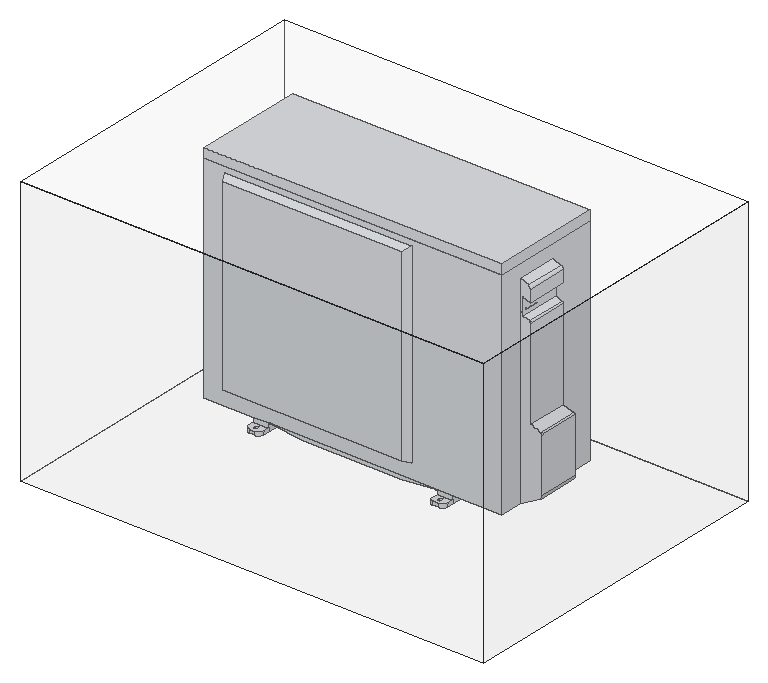
Revit family "puz-zrmp28_63ska15_50hz", category 機械設備, Revit 2019 (continued)
Definition of nested family "PUZ-EZRMP-1"
  Lines and regions (mm)
    model lines, visible <- "タイプ1", detail levels fine
      curve 339: arc (-404.5, -15, 59) -> (-404.5, -11.464, 60.464) -> (-404.5, -10, 64) r 5
      curve 340: arc (-404.5, -95, 79) -> (-404.5, -98.536, 77.536) -> (-404.5, -100, 74) r 5
      curve 341: arc (-404.5, -100, 64) -> (-404.5, -98.536, 60.464) -> (-404.5, -95, 59) r 5
    model lines, visible <- "タイプ3", not visible
      curve 342: line (-404.5, -100, 907) -> (-404.5, -60, 907)
      curve 343: line (-404.5, -100, 1097) -> (-404.5, -100, 907)
      curve 344: line (-404.5, -60, 1097) -> (-404.5, -100, 1097)
      curve 345: line (-404.5, -60, 907) -> (-404.5, -60, 1097)
      curve 346: line (-404.5, 60, 907) -> (-404.5, 100, 907)
      curve 347: line (-404.5, 60, 1097) -> (-404.5, 60, 907)
      curve 348: line (-404.5, 100, 1097) -> (-404.5, 60, 1097)
      curve 349: line (-404.5, 100, 907) -> (-404.5, 100, 1097)
      curve 350: line (-404.5, -46.667, 907) -> (-404.5, -6.667, 907)
      curve 351: line (-404.5, -46.667, 1097) -> (-404.5, -46.667, 907)
      curve 352: line (-404.5, -6.667, 1097) -> (-404.5, -46.667, 1097)
      curve 353: line (-404.5, -6.667, 907) -> (-404.5, -6.667, 1097)
      curve 354: line (-404.5, 6.667, 907) -> (-404.5, 46.667, 907)
      curve 355: line (-404.5, 6.667, 1097) -> (-404.5, 6.667, 907)
      curve 356: line (-404.5, 46.667, 1097) -> (-404.5, 6.667, 1097)
      curve 357: line (-404.5, 46.667, 907) -> (-404.5, 46.667, 1097)
      curve 358: line (-404.5, -100, 1112) -> (-404.5, -60, 1112)
      curve 359: line (-404.5, -100, 1302) -> (-404.5, -100, 1112)
      curve 360: line (-404.5, -60, 1302) -> (-404.5, -100, 1302)
      curve 361: line (-404.5, -60, 1112) -> (-404.5, -60, 1302)
      curve 362: line (-404.5, 60, 1112) -> (-404.5, 100, 1112)
      curve 363: line (-404.5, 60, 1302) -> (-404.5, 60, 1112)
      curve 364: line (-404.5, 100, 1302) -> (-404.5, 60, 1302)
      curve 365: line (-404.5, 100, 1112) -> (-404.5, 100, 1302)
      curve 366: line (-404.5, -46.667, 1112) -> (-404.5, -6.667, 1112)
      curve 367: line (-404.5, -46.667, 1302) -> (-404.5, -46.667, 1112)
      curve 368: line (-404.5, -6.667, 1302) -> (-404.5, -46.667, 1302)
      curve 369: line (-404.5, -6.667, 1112) -> (-404.5, -6.667, 1302)
      curve 370: line (-404.5, 6.667, 1112) -> (-404.5, 46.667, 1112)
      curve 371: line (-404.5, 6.667, 1302) -> (-404.5, 6.667, 1112)
      curve 372: line (-404.5, 46.667, 1302) -> (-404.5, 6.667, 1302)
      curve 373: line (-404.5, 46.667, 1112) -> (-404.5, 46.667, 1302)
    model lines, visible <- "タイプ2", not visible
      curve 374: line (-600, -100, 33.5) -> (-600, -60, 33.5)
      curve 375: line (-600, -100, 73.5) -> (-600, -100, 33.5)
      curve 376: line (-600, -60, 73.5) -> (-600, -100, 73.5)
      curve 377: line (-600, -60, 33.5) -> (-600, -60, 73.5)
      curve 378: line (-600, 60, 33.5) -> (-600, 100, 33.5)
      curve 379: line (-600, 60, 73.5) -> (-600, 60, 33.5)
      curve 380: line (-600, 100, 73.5) -> (-600, 60, 73.5)
      curve 381: line (-600, 100, 33.5) -> (-600, 100, 73.5)
      curve 382: line (-509, -46.667, 33.5) -> (-509, -6.667, 33.5)
      curve 383: line (-509, -46.667, 73.5) -> (-509, -46.667, 33.5)
      curve 384: line (-509, -6.667, 73.5) -> (-509, -46.667, 73.5)
      curve 385: line (-509, -6.667, 33.5) -> (-509, -6.667, 73.5)
      curve 386: line (-509, 6.667, 33.5) -> (-509, 46.667, 33.5)
      curve 387: line (-509, 6.667, 73.5) -> (-509, 6.667, 33.5)
      curve 388: line (-509, 46.667, 73.5) -> (-509, 6.667, 73.5)
      curve 389: line (-509, 46.667, 33.5) -> (-509, 46.667, 73.5)
      curve 483: line (-404.5, -100, 33.5) -> (-404.5, -60, 33.5)
      curve 484: line (-404.5, -100, 73.5) -> (-404.5, -100, 33.5)
      curve 485: line (-404.5, -60, 73.5) -> (-404.5, -100, 73.5)
      curve 486: line (-404.5, -60, 33.5) -> (-404.5, -60, 73.5)
      curve 487: line (-404.5, 60, 33.5) -> (-404.5, 100, 33.5)
      curve 488: line (-404.5, 60, 73.5) -> (-404.5, 60, 33.5)
      curve 489: line (-404.5, 100, 73.5) -> (-404.5, 60, 73.5)
      curve 490: line (-404.5, 100, 33.5) -> (-404.5, 100, 73.5)
      curve 491: line (-404.5, -46.667, 33.5) -> (-404.5, -6.667, 33.5)
      curve 492: line (-404.5, -46.667, 73.5) -> (-404.5, -46.667, 33.5)
      curve 493: line (-404.5, -6.667, 73.5) -> (-404.5, -46.667, 73.5)
      curve 494: line (-404.5, -6.667, 33.5) -> (-404.5, -6.667, 73.5)
      curve 495: line (-404.5, 6.667, 33.5) -> (-404.5, 46.667, 33.5)
      curve 496: line (-404.5, 6.667, 73.5) -> (-404.5, 6.667, 33.5)
      curve 497: line (-404.5, 46.667, 73.5) -> (-404.5, 6.667, 73.5)
      curve 498: line (-404.5, 46.667, 33.5) -> (-404.5, 46.667, 73.5)
    model lines, not visible
      curve 390: line (-404.5, -100, 87) -> (-404.5, -60, 87)
      curve 391: line (-404.5, -100, 277) -> (-404.5, -100, 87)
      curve 392: line (-404.5, -60, 277) -> (-404.5, -100, 277)
      curve 393: line (-404.5, -60, 87) -> (-404.5, -60, 277)
      curve 394: line (-404.5, -100, 292) -> (-404.5, -60, 292)
      curve 395: line (-404.5, -100, 482) -> (-404.5, -100, 292)
      curve 396: line (-404.5, -60, 482) -> (-404.5, -100, 482)
      curve 397: line (-404.5, -60, 292) -> (-404.5, -60, 482)
      curve 398: line (-404.5, -100, 497) -> (-404.5, -60, 497)
      curve 399: line (-404.5, -100, 687) -> (-404.5, -100, 497)
      curve 400: line (-404.5, -60, 687) -> (-404.5, -100, 687)
      curve 401: line (-404.5, -60, 497) -> (-404.5, -60, 687)
      curve 402: line (-404.5, -100, 702) -> (-404.5, -60, 702)
      curve 403: line (-404.5, -100, 892) -> (-404.5, -100, 702)
      curve 404: line (-404.5, -60, 892) -> (-404.5, -100, 892)
      curve 405: line (-404.5, -60, 702) -> (-404.5, -60, 892)
      curve 406: line (-404.5, 60, 87) -> (-404.5, 100, 87)
      curve 407: line (-404.5, 60, 277) -> (-404.5, 60, 87)
      curve 408: line (-404.5, 100, 277) -> (-404.5, 60, 277)
      curve 409: line (-404.5, 100, 87) -> (-404.5, 100, 277)
      curve 410: line (-404.5, -46.667, 87) -> (-404.5, -6.667, 87)
      curve 411: line (-404.5, -46.667, 277) -> (-404.5, -46.667, 87)
      curve 412: line (-404.5, -6.667, 277) -> (-404.5, -46.667, 277)
      curve 413: line (-404.5, -6.667, 87) -> (-404.5, -6.667, 277)
      curve 414: line (-404.5, 6.667, 87) -> (-404.5, 46.667, 87)
      curve 415: line (-404.5, 6.667, 277) -> (-404.5, 6.667, 87)
      curve 416: line (-404.5, 46.667, 277) -> (-404.5, 6.667, 277)
      curve 417: line (-404.5, 46.667, 87) -> (-404.5, 46.667, 277)
      curve 418: line (-404.5, 60, 292) -> (-404.5, 100, 292)
      curve 419: line (-404.5, 60, 482) -> (-404.5, 60, 292)
      curve 420: line (-404.5, 100, 482) -> (-404.5, 60, 482)
      curve 421: line (-404.5, 100, 292) -> (-404.5, 100, 482)
      curve 422: line (-404.5, 60, 702) -> (-404.5, 100, 702)
      curve 423: line (-404.5, 60, 892) -> (-404.5, 60, 702)
      curve 424: line (-404.5, 100, 892) -> (-404.5, 60, 892)
      curve 425: line (-404.5, 100, 702) -> (-404.5, 100, 892)
      curve 426: line (-404.5, -46.667, 292) -> (-404.5, -6.667, 292)
      curve 427: line (-404.5, -46.667, 482) -> (-404.5, -46.667, 292)
      curve 428: line (-404.5, -6.667, 482) -> (-404.5, -46.667, 482)
      curve 429: line (-404.5, -6.667, 292) -> (-404.5, -6.667, 482)
      curve 430: line (-404.5, -46.667, 497) -> (-404.5, -6.667, 497)
      curve 431: line (-404.5, -46.667, 687) -> (-404.5, -46.667, 497)
      curve 432: line (-404.5, -6.667, 687) -> (-404.5, -46.667, 687)
      curve 433: line (-404.5, -6.667, 497) -> (-404.5, -6.667, 687)
      curve 434: line (-404.5, -46.667, 702) -> (-404.5, -6.667, 702)
      curve 435: line (-404.5, -46.667, 892) -> (-404.5, -46.667, 702)
      curve 436: line (-404.5, -6.667, 892) -> (-404.5, -46.667, 892)
      curve 437: line (-404.5, -6.667, 702) -> (-404.5, -6.667, 892)
      curve 438: line (-404.5, 6.667, 292) -> (-404.5, 46.667, 292)
      curve 439: line (-404.5, 6.667, 482) -> (-404.5, 6.667, 292)
      curve 440: line (-404.5, 46.667, 482) -> (-404.5, 6.667, 482)
      curve 441: line (-404.5, 46.667, 292) -> (-404.5, 46.667, 482)
      curve 442: line (-404.5, 6.667, 497) -> (-404.5, 46.667, 497)
      curve 443: line (-404.5, 6.667, 687) -> (-404.5, 6.667, 497)
      curve 444: line (-404.5, 46.667, 687) -> (-404.5, 6.667, 687)
      curve 445: line (-404.5, 46.667, 497) -> (-404.5, 46.667, 687)
      curve 446: line (-404.5, 6.667, 702) -> (-404.5, 46.667, 702)
      curve 447: line (-404.5, 6.667, 892) -> (-404.5, 6.667, 702)
      curve 448: line (-404.5, 46.667, 892) -> (-404.5, 6.667, 892)
      curve 449: line (-404.5, 46.667, 702) -> (-404.5, 46.667, 892)
      curve 450: line (-338.5, -173.2, 372.5) -> (149.5, -173.2, 372.5)
      curve 451: line (149.5, -173.2, 277.5) -> (-338.5, -173.2, 277.5)
      curve 452: line (-338.5, -173.2, 467.5) -> (149.5, -173.2, 467.5)
      curve 453: line (-338.5, -173.2, 562.5) -> (149.5, -173.2, 562.5)
      curve 454: line (149.5, -173.2, 182.5) -> (-338.5, -173.2, 182.5)
      curve 455: line (149.5, -173.2, 87.5) -> (-338.5, -173.2, 87.5)
      curve 456: line (-321.071, -173.2, 579) -> (-321.071, -173.2, 71)
      curve 457: line (132.071, -173.2, 71) -> (132.071, -173.2, 579)
      curve 458: line (-303.643, -173.2, 579) -> (-303.643, -173.2, 71)
      curve 459: line (-286.214, -173.2, 579) -> (-286.214, -173.2, 71)
      curve 460: line (-268.786, -173.2, 579) -> (-268.786, -173.2, 71)
      curve 461: line (-251.357, -173.2, 579) -> (-251.357, -173.2, 71)
      curve 462: line (-233.929, -173.2, 579) -> (-233.929, -173.2, 71)
      curve 463: line (-216.5, -173.2, 579) -> (-216.5, -173.2, 71)
      curve 464: line (-199.071, -173.2, 579) -> (-199.071, -173.2, 71)
      curve 465: line (-181.643, -173.2, 579) -> (-181.643, -173.2, 71)
      curve 466: line (-164.214, -173.2, 579) -> (-164.214, -173.2, 71)
      curve 467: line (-146.786, -173.2, 579) -> (-146.786, -173.2, 71)
      curve 468: line (-129.357, -173.2, 579) -> (-129.357, -173.2, 71)
      curve 469: line (-111.929, -173.2, 579) -> (-111.929, -173.2, 71)
      curve 470: line (-94.5, -173.2, 579) -> (-94.5, -173.2, 71)
      curve 471: line (-77.071, -173.2, 579) -> (-77.071, -173.2, 71)
      curve 472: line (-59.643, -173.2, 579) -> (-59.643, -173.2, 71)
      curve 473: line (-42.214, -173.2, 579) -> (-42.214, -173.2, 71)
      curve 474: line (-24.786, -173.2, 579) -> (-24.786, -173.2, 71)
      curve 475: line (-7.357, -173.2, 579) -> (-7.357, -173.2, 71)
      curve 476: line (10.071, -173.2, 579) -> (10.071, -173.2, 71)
      curve 477: line (27.5, -173.2, 579) -> (27.5, -173.2, 71)
      curve 478: line (44.929, -173.2, 579) -> (44.929, -173.2, 71)
      curve 479: line (62.357, -173.2, 579) -> (62.357, -173.2, 71)
      curve 480: line (79.786, -173.2, 579) -> (79.786, -173.2, 71)
      curve 481: line (97.214, -173.2, 579) -> (97.214, -173.2, 71)
      curve 482: line (114.643, -173.2, 579) -> (114.643, -173.2, 71)
    symbolic lines, visible <- "タイプ1"
      curve 499: line (-278.151, 150, 630) -> (-404.5, 150, 630)
      curve 500: line (-404.5, 150, 630) -> (-404.5, -5.599, 630)
      curve 501: line (-404.5, 40, 630) -> (-424.5, 30, 630)
      curve 502: line (-424.5, 30, 630) -> (-424.5, -30, 630)
      curve 503: line (-424.5, -30, 630) -> (-404.5, -40, 630)
      curve 504: line (-404.5, -5.599, 630) -> (-404.5, -150, 630)
      curve 505: line (-404.5, -150, 630) -> (-301.612, -150, 630)
      curve 506: arc (-272.806, -170, 630) -> (-268.124, -177.204, 630) -> (-260, -180, 630) r 13.2
      curve 507: line (-260, -180, 630) -> (-243.332, -180, 630)
      curve 508: arc (-243.332, -180, 630) -> (-235.208, -177.204, 630) -> (-230.526, -170, 630) r 13.2
      curve 509: line (-301.612, -150, 630) -> (280.999, -150, 630)
      curve 510: line (230, -150, 630) -> (230, -170, 630)
      curve 511: arc (230, -170, 630) -> (232.929, -177.071, 630) -> (240, -180, 630) r 10
      curve 512: line (240, -180, 630) -> (256.8, -180, 630)
      curve 513: arc (256.8, -180, 630) -> (266.134, -176.134, 630) -> (270, -166.8, 630) r 13.2
      curve 514: line (270, -166.8, 630) -> (270, -150, 630)
      curve 515: line (280.999, -150, 630) -> (404.5, -150, 630)
      curve 516: line (404.5, -150, 630) -> (404.5, -77.105, 630)
      curve 517: line (404.5, -90, 630) -> (466.5, -90, 630)
      curve 518: line (466.5, -90, 630) -> (466.5, 20, 630)
      curve 519: line (466.5, 20, 630) -> (404.5, 20, 630)
      curve 520: line (404.5, -77.105, 630) -> (404.5, 150, 630)
      curve 521: line (404.5, 150, 630) -> (308.975, 150, 630)
      curve 522: line (270, 150, 630) -> (270, 180, 630)
      curve 523: line (270, 180, 630) -> (230, 180, 630)
      curve 524: line (230, 180, 630) -> (230, 150, 630)
      curve 525: line (308.975, 150, 630) -> (-278.151, 150, 630)
      curve 526: line (-230, 150, 630) -> (-230, 180, 630)
      curve 527: line (-230, 180, 630) -> (-270, 180, 630)
      curve 528: line (-270, 180, 630) -> (-270, 150, 630)
      curve 529: line (-324.5, 100, 630) -> (324.5, 100, 630)
      curve 530: line (-324.5, 40, 630) -> (-324.5, 100, 630)
      curve 531: line (324.5, 40, 630) -> (-324.5, 40, 630)
      curve 532: line (324.5, 100, 630) -> (324.5, 40, 630)
      curve 533: line (324.5, 30, 630) -> (-324.5, 30, 630)
      curve 534: line (324.5, -30, 630) -> (324.5, 30, 630)
      curve 535: line (-324.5, -30, 630) -> (324.5, -30, 630)
      curve 536: line (-324.5, 30, 630) -> (-324.5, -30, 630)
      curve 537: line (-324.5, -40, 630) -> (324.5, -40, 630)
      curve 538: line (-324.5, -100, 630) -> (-324.5, -40, 630)
      curve 539: line (324.5, -100, 630) -> (-324.5, -100, 630)
      curve 540: line (324.5, -40, 630) -> (324.5, -100, 630)
      curve 541: line (339.5, 100, 630) -> (354.5, 100, 630)
      curve 542: line (339.5, -100, 630) -> (339.5, 100, 630)
      curve 543: line (354.5, -100, 630) -> (339.5, -100, 630)
      curve 544: line (354.5, 100, 630) -> (354.5, -100, 630)
      curve 545: line (-354.5, 100, 630) -> (-339.5, 100, 630)
      curve 546: line (-354.5, -100, 630) -> (-354.5, 100, 630)
      curve 547: line (-339.5, -100, 630) -> (-354.5, -100, 630)
      curve 548: line (-339.5, 100, 630) -> (-339.5, -100, 630)
      curve 549: line (-338.5, -170, 630) -> (149.5, -170, 630)
      curve 550: line (149.5, -170, 630) -> (159.5, -150, 630)
      curve 551: line (-348.5, -150, 630) -> (-338.5, -170, 630)
  Dimensions and locks
    equal spacing: plane 8, plane 1 "中心(正面/背面)", plane 7
    "奥行き": plane 8 to plane 7
    equal spacing: plane 5, plane 3 "中心(左/右)", plane 6
    "幅さ": plane 5 to plane 6
    "高さ": plane 4 to level
    locked: plane 6 to plane 9 at 62
    locked: plane 8 to plane 10 at 60
    locked: plane 8 to plane 11 at 170
    locked: plane 4 to plane 12 at 25
    locked: plane 13 to plane 5 at 20
    "吊りボルト-D": plane 17 to plane 16
    equal spacing: plane 17, plane 1 "中心(正面/背面)", plane 16
    equal spacing: plane 14, plane 3 "中心(左/右)", plane 15
    "吊りボルト-W": plane 14 to plane 15
    plane 21 to plane 14 to plane 20 = 20 mm locked, 20 mm locked
    plane 19 to plane 15 to plane 18 = 20 mm locked, 20 mm locked
    locked: plane 16 to plane 22 at 15
    locked: plane 23 to plane 17 at 15
    locked: plane 24 to level at 8.5
    locked: plane 25 to level at 20
    locked: plane 26 to plane 24 at 3
    locked: plane 4 to plane 29 at 5
    plane 7 to plane 1 "中心(正面/背面)" to plane 8 = 150 mm, 150 mm
    plane 31 to plane 1 "中心(正面/背面)" to plane 30 = 40 mm locked, 40 mm locked
    plane 33 to plane 1 "中心(正面/背面)" to plane 32 = 30 mm locked, 30 mm locked
    locked: plane 34 to plane 12 at 5
    locked: plane 35 to level at 55
    locked: plane 36 to level at 225
    equal spacing: plane 6, plane 39, plane 9
    locked: plane 6 to plane 38 at 10
    locked: plane 20 to plane 27 at 95
    locked: plane 28 to plane 19 at 95
    "換気-D": plane 40 to plane 8
    "換気-W": plane 41 to plane 5
    "換気-H1": plane 42 to level
    plane 43 to plane 41 to plane 44 = 254 mm locked, 254 mm locked
    plane 45 to plane 42 to plane 46 = 264 mm locked, 264 mm locked
    locked: plane 43 to plane 48 at 10
    locked: plane 47 to plane 44 at 10
    locked: plane 45 to plane 49 at 10
    locked: plane 50 to plane 46 at 10
    locked: curve 26 to plane 50 at 16.5
    locked: plane 49 to curve 24 at 16.5
    equal spacing: curve 24, curve 23, curve 21, curve 22, curve 25, curve 26
    equal spacing: plane 48, curve 28, curve 53, curve 52, curve 51, curve 50, curve 49, curve 48, curve 47, curve 46, curve 45, curve 44, curve 43, curve 42, curve 41, curve 40, curve 39, curve 38, curve 37, curve 36, curve 35, curve 34, curve 33, curve 32, curve 31, curve 30, curve 29, curve 27, plane 47
    locked: curve 4 to curve 6 at 10
    locked: curve 3 to curve 5 at 10
    locked: plane 51 to plane 7 at 50
    locked: plane 8 to plane 52 at 50
    equal spacing: group 1, group 2, group 3, group 4, group 5, group 6, group 7, group 8, group 9, group 10, group 11, group 12, group 13, group 14, group 15, group 16, group 17, group 18  (x2)
    equal spacing: group 18, group 17, group 16, group 15, group 14, group 13, group 12, group 11, group 10, group 9, group 8, group 7, group 6, group 5, group 4, group 3, group 2, group 1
    "ドレン管径-X": plane 5 to plane 53
    "ドレン管径-Y": plane 8 to plane 54
    "配線取出口-Y": plane 57 to plane 7
    "冷媒液管径-Y": plane 58 to plane 7
    "冷媒ガス管径-Y": plane 59 to plane 7
    "配線取出口-X": plane 3 "中心(左/右)" to plane 56
    "冷媒ガス管径-X": plane 3 "中心(左/右)" to plane 55
    "冷媒液管径-X": plane 3 "中心(左/右)" to plane 60
    "冷媒液管径-Z": plane 62 to level
    "冷媒ガス管径-Z": plane 61 to level
    "配線取出口-Z": plane 63 to level
    locked: plane 57 to plane 64 at 50
    locked: plane 65 to plane 61 at 37.8
    locked: plane 66 to plane 62 at 16.1
    equal spacing: plane 55, plane 67, plane 60
    equal spacing: plane 58, plane 68, plane 59
    "a": plane 69 "グループ" to plane 3 "中心(左/右)"
    plane 71 to level = 943 mm
    plane 70 to level = 1338 mm
    locked: plane 37 to level at 570
    curve 21 to plane 42 to curve 22 = 47.5 mm locked, 47.5 mm locked
    "換気-H2": plane 72 to plane 42
    plane 73 to plane 72 to plane 74 = 264 mm locked, 264 mm locked
    locked: plane 76 to plane 74 at 10
    locked: plane 73 to plane 75 at 10
    plane 48 to plane 47 = 488 mm
    plane 68 to plane 7 = 185.5 mm
    plane 61 to level = 99.5 mm
    plane 65 to plane 61 = 37.8 mm
    plane 62 to level = 164.5 mm
    plane 66 to plane 62 = 16.1 mm
    plane 68 to plane 77 to plane 78 = 23 mm locked, 17.5 mm locked
    plane 68 to plane 77 = 23 mm
    plane 77 to plane 78 = 17.5 mm
    equal spacing: plane 77, plane 79, plane 78
    "ドレン配管サイズ": diameter of Extrusion 3 sketch curve
    "配線取出口サイズ": diameter of Extrusion 9 sketch curve
    "吊りボルト-φ": diameter of Extrusion 10 sketch curve  (x4)
    "冷媒配管サイズ": diameter of Sweep 11 sketch curve
    "ガス配管サイズ": diameter of Sweep 12 sketch curve
    aligned and locked: level to plane 2
    aligned and locked: Extrusion 1 to level
    aligned and locked: plane 25 to Extrusion 1
    aligned and locked: Extrusion 2 sketch curve to plane 25
    aligned and locked: Extrusion 2 sketch curve to plane 26
    aligned and locked: Extrusion 2 to plane 7
    aligned and locked: plane 8 to Extrusion 2
    aligned and locked: Extrusion 3 to plane 26
    aligned and locked: Extrusion 3 to plane 24
    aligned and locked: Extrusion 4 sketch curve to plane 7
    aligned and locked: Extrusion 4 sketch curve to plane 8
    aligned and locked: Extrusion 4 sketch curve to plane 5
    aligned and locked: Extrusion 4 sketch curve to plane 6
    aligned and locked: Extrusion 4 to plane 25
    aligned and locked: plane 12 to Extrusion 4
    aligned and locked: Extrusion 5 sketch curve to Extrusion 4  (x4)
    aligned and locked: Extrusion 5 to plane 12
    aligned and locked: plane 4 to Extrusion 5
    aligned and locked: plane 29 to Blend 6 sketch curve
    aligned and locked: Blend 6 sketch curve to plane 31
    aligned and locked: Blend 6 sketch curve to plane 12  (x2)
    aligned and locked: plane 30 to Blend 6 sketch curve
    aligned and locked: plane 34 to Blend 6 sketch curve
    aligned and locked: Blend 6 sketch curve to plane 33
    aligned and locked: plane 32 to Blend 6 sketch curve
    aligned and locked: Blend 6 to plane 13
    aligned and locked: plane 5 to Blend 6
    aligned and locked: Extrusion 7 sketch curve to plane 6
    aligned and locked: Extrusion 7 sketch curve to plane 9
    aligned and locked: Extrusion 7 sketch curve to plane 39
    aligned and locked: Extrusion 7 sketch curve to Extrusion 7 sketch curve
    aligned and locked: Extrusion 7 sketch curve to plane 38
    aligned and locked: Extrusion 7 to plane 11
    aligned and locked: plane 10 to Extrusion 7
    aligned and locked: Blend 8 sketch curve to plane 45
    aligned and locked: Blend 8 sketch curve to plane 46
    aligned and locked: Blend 8 sketch curve to plane 44
    aligned and locked: Blend 8 sketch curve to plane 43
    aligned and locked: Blend 8 sketch curve to plane 49
    aligned and locked: Blend 8 sketch curve to plane 47
    aligned and locked: Blend 8 sketch curve to plane 48
    aligned and locked: Blend 8 sketch curve to plane 50
    aligned and locked: Blend 8 to plane 8
    aligned and locked: plane 40 to Blend 8
    aligned and locked: curve 17 to plane 51
    aligned and locked: curve 1 to plane 51
    aligned and locked: plane 51 to curve 19
    aligned and locked: curve 18 to plane 52
    aligned and locked: plane 52 to curve 2
    aligned and locked: plane 52 to curve 20
    aligned and locked: plane 53 to Extrusion 3 sketch curve
    aligned and locked: plane 54 to Extrusion 3 sketch curve
    aligned and locked: plane 63 to Extrusion 9 sketch curve
    aligned and locked: plane 56 to Extrusion 9 sketch curve
    aligned and locked: plane 57 to Extrusion 9
    aligned and locked: Extrusion 9 to plane 64
    aligned and locked: plane 22 to Extrusion 10 sketch curve  (x4)
    aligned and locked: plane 21 to Extrusion 10 sketch curve
    aligned and locked: Extrusion 2 to Extrusion 10 sketch curve  (x2)
    aligned and locked: Extrusion 10 sketch curve to Extrusion 1  (x6)
    aligned and locked: plane 19 to Extrusion 10 sketch curve
    aligned and locked: Extrusion 10 sketch curve to plane 23  (x2)
    aligned and locked: Extrusion 10 sketch curve to plane 18
    aligned and locked: Extrusion 10 sketch curve to plane 20
    aligned and locked: plane 16 to Extrusion 10 sketch curve  (x2)
    aligned and locked: plane 14 to Extrusion 10 sketch curve  (x2)
    aligned and locked: plane 17 to Extrusion 10 sketch curve  (x2)
    aligned and locked: plane 15 to Extrusion 10 sketch curve  (x2)
    aligned and locked: level to Extrusion 10
    aligned and locked: plane 24 to Extrusion 10
    aligned and locked: Masking region 1 sketch curve to Extrusion 5  (x4)
    aligned and locked: Masking region 1 sketch curve to Blend 6  (x3)
    aligned and locked: Masking region 1 sketch curve to Extrusion 7  (x2)
    aligned and locked: Masking region 1 sketch curve to plane 9
    aligned and locked: Masking region 1 sketch curve to Extrusion 10  (x8)
    aligned and locked: Masking region 1 to curve 499
    aligned and locked: curve 500 to Masking region 1
    aligned and locked: curve 501 to Masking region 1
    aligned and locked: curve 502 to Masking region 1
    aligned and locked: curve 503 to Masking region 1
    aligned and locked: curve 504 to Masking region 1
    aligned and locked: curve 505 to Masking region 1
    aligned and locked: curve 506 to Masking region 1
    aligned and locked: curve 508 to Masking region 1
    aligned and locked: curve 510 to Masking region 1
    aligned and locked: curve 511 to Masking region 1
    aligned and locked: curve 513 to Masking region 1
    aligned and locked: Masking region 1 to curve 515
    aligned and locked: curve 516 to Masking region 1
    aligned and locked: curve 517 to Masking region 1
    aligned and locked: curve 518 to Masking region 1
    aligned and locked: curve 519 to Masking region 1
    aligned and locked: curve 520 to Masking region 1
    aligned and locked: curve 521 to Masking region 1
    aligned and locked: curve 522 to Masking region 1
    aligned and locked: curve 523 to Masking region 1
    aligned and locked: curve 524 to Masking region 1
    aligned and locked: curve 525 to Masking region 1
    aligned and locked: curve 526 to Masking region 1
    aligned and locked: curve 527 to Masking region 1
    aligned and locked: curve 528 to Masking region 1
    aligned and locked: curve 532 to curve 12
    aligned and locked: Masking region 1 sketch curve to curve 21
    aligned and locked: Masking region 1 sketch curve to Blend 8  (x2)
    aligned and locked: curve 549 to Blend 8
    aligned and locked: curve 550 to Blend 8
    aligned and locked: curve 551 to Blend 8
    aligned and locked: plane 78 to Sweep 12 sketch curve
    aligned and locked: plane 58 to Sweep 12 sketch curve
    aligned and locked: plane 77 to Sweep 11 sketch curve
    aligned and locked: plane 58 to Sweep 11 sketch curve
    aligned and locked: plane 61 to Sweep 12 sketch curve
  Automatic sketch dimensions
    Extrusion 2 sketch curve to plane 20 = 0 mm
    Extrusion 2 sketch curve to plane 27 = 0 mm
    Extrusion 2 sketch curve to plane 28 = 0 mm
    Extrusion 2 sketch curve to plane 19 = 0 mm
    Extrusion 7 sketch curve to plane 39 = 0 mm
    Extrusion 7 sketch curve to plane 25 = 0 mm
    Extrusion 7 sketch curve to plane 36 = 0 mm
    Extrusion 7 sketch curve to plane 37 = 0 mm
    Extrusion 7 sketch curve to Extrusion 7 sketch curve = 10 mm
    Extrusion 7 sketch curve to plane 39 = 6.58 mm
    Extrusion 7 sketch curve to Extrusion 7 sketch curve = 5 mm  (x2)
    plane 39 to Extrusion 7 sketch curve = 21 mm
    Extrusion 7 sketch curve to plane 39 = 3.29 mm
    Extrusion 7 sketch curve to plane 9 = 3.29 mm
    Extrusion 7 sketch curve to plane 35 = 2.87 mm
    Extrusion 7 sketch curve to Extrusion 7 sketch curve = 81.633 mm
    Extrusion 7 sketch curve to Extrusion 7 sketch curve = 30.244 mm
    Extrusion 7 sketch curve to Extrusion 7 sketch curve = 7.643 mm
    plane 7 to Extrusion 1 sketch curve = 0 mm  (x2)
    Extrusion 1 sketch curve to plane 18 = 0 mm
    plane 8 to Extrusion 1 sketch curve = 0 mm  (x2)
    Extrusion 1 sketch curve to plane 19 = 0 mm
    Extrusion 1 sketch curve to plane 20 = 0 mm
    Extrusion 1 sketch curve to plane 21 = 0 mm
    curve 383 to curve 384 = 40 mm
    curve 382 to curve 386 = 13.333 mm
    curve 386 to curve 386 = 40 mm
    curve 382 to curve 389 = 0 mm
    curve 382 to curve 384 = 40 mm
    curve 384 to curve 387 = 0 mm
    curve 375 to curve 376 = 40 mm
    curve 374 to curve 378 = 120 mm
    curve 378 to curve 378 = 40 mm
    curve 374 to curve 381 = 0 mm
    curve 374 to curve 376 = 40 mm
    curve 378 to curve 379 = 40 mm
    curve 25 to plane 47 = 0 mm
    curve 24 to plane 47 = 0 mm
    curve 22 to plane 47 = 0 mm
    curve 23 to plane 47 = 0 mm
    curve 26 to plane 47 = 0 mm
    curve 21 to plane 47 = 0 mm
    curve 24 to plane 48 = 0 mm
    curve 25 to plane 48 = 0 mm
    curve 26 to plane 48 = 0 mm
    curve 23 to plane 48 = 0 mm
    curve 22 to plane 48 = 0 mm
    curve 21 to plane 48 = 0 mm
    curve 37 to plane 50 = 0 mm
    curve 52 to plane 50 = 0 mm
    curve 51 to plane 50 = 0 mm
    curve 50 to plane 50 = 0 mm
    curve 49 to plane 50 = 0 mm
    curve 48 to plane 50 = 0 mm
    curve 47 to plane 50 = 0 mm
    curve 46 to plane 50 = 0 mm
    curve 45 to plane 50 = 0 mm
    curve 44 to plane 50 = 0 mm
    curve 43 to plane 50 = 0 mm
    curve 42 to plane 50 = 0 mm
    curve 41 to plane 50 = 0 mm
    curve 27 to plane 50 = 0 mm
    curve 28 to plane 50 = 0 mm
    curve 40 to plane 50 = 0 mm
    curve 39 to plane 50 = 0 mm
    curve 29 to plane 50 = 0 mm
    curve 38 to plane 50 = 0 mm
    curve 30 to plane 50 = 0 mm
    curve 53 to plane 50 = 0 mm
    curve 31 to plane 50 = 0 mm
    curve 36 to plane 50 = 0 mm
    curve 32 to plane 50 = 0 mm
    curve 35 to plane 50 = 0 mm
    curve 33 to plane 50 = 0 mm
    curve 34 to plane 50 = 0 mm
    curve 28 to plane 49 = 0 mm
    curve 41 to plane 49 = 0 mm
    curve 27 to plane 49 = 0 mm
    curve 42 to plane 49 = 0 mm
    curve 31 to plane 49 = 0 mm
    curve 40 to plane 49 = 0 mm
    curve 37 to plane 49 = 0 mm
    curve 39 to plane 49 = 0 mm
    curve 32 to plane 49 = 0 mm
    curve 45 to plane 49 = 0 mm
    curve 36 to plane 49 = 0 mm
    curve 46 to plane 49 = 0 mm
    curve 43 to plane 49 = 0 mm
    curve 47 to plane 49 = 0 mm
    curve 29 to plane 49 = 0 mm
    curve 48 to plane 49 = 0 mm
    curve 30 to plane 49 = 0 mm
    curve 49 to plane 49 = 0 mm
    curve 44 to plane 49 = 0 mm
    curve 50 to plane 49 = 0 mm
    curve 33 to plane 49 = 0 mm
    curve 51 to plane 49 = 0 mm
    curve 35 to plane 49 = 0 mm
    curve 52 to plane 49 = 0 mm
    curve 38 to plane 49 = 0 mm
    curve 53 to plane 49 = 0 mm
    curve 34 to plane 49 = 0 mm
    Masking region 1 sketch curve to plane 5 = 0 mm
    Masking region 1 sketch curve to plane 6 = 0 mm
    plane 7 to Masking region 1 sketch curve = 0 mm  (x2)
    Masking region 1 sketch curve to plane 15 = 10 mm
    Masking region 1 sketch curve to plane 19 = 0 mm
    plane 8 to Masking region 1 sketch curve = 0 mm  (x2)
    plane 32 to curve 535 = 0 mm
    plane 33 to curve 534 = 0 mm
    curve 541 to plane 56 = 45.5 mm
    curve 13 to curve 20 = 15 mm
    plane 18 to curve 535 = 54.5 mm
    curve 532 to curve 6 = 0 mm
    curve 537 to curve 5 = 0 mm
    plane 47 to curve 536 = 14 mm
    plane 47 to curve 538 = 14 mm
    plane 47 to curve 1 = 14 mm
    curve 16 to plane 47 = 1 mm
    curve 15 to plane 44 = 6 mm
    plane 1 "中心(正面/背面)" to curve 504 = 5.599 mm
    curve 528 to curve 499 = 8.151 mm
    curve 521 to curve 522 = 38.975 mm
    curve 516 to plane 10 = 12.895 mm
    curve 515 to curve 514 = 10.999 mm
    plane 40 to Masking region 1 sketch curve = 0 mm
    Masking region 1 sketch curve to plane 40 = 3.2 mm  (x2)
    Masking region 1 sketch curve to plane 14 = 10 mm
    Masking region 1 sketch curve to plane 20 = 0.526 mm
    curve 509 to plane 21 = 31.612 mm
    Sweep 12 sketch curve to plane 65 = 0 mm
    Sweep 11 sketch curve to plane 62 = 0 mm
    Sweep 11 sketch curve to plane 66 = 0 mm
    plane 40 to Extrusion 10 sketch curve = 0 mm
    plane 17 to Extrusion 10 sketch curve = 0 mm  (x2)
    Extrusion 10 sketch curve to Extrusion 10 sketch curve = 1.8 mm  (x3)
    plane 17 to Extrusion 10 sketch curve = 1.8 mm  (x2)
    Extrusion 10 sketch curve to Extrusion 10 sketch curve = 0 mm
    Sweep 11 sketch curve to plane 67 = 0 mm
    Sweep 11 sketch curve to profile plane = 0 mm
    Sweep 12 sketch curve to plane 67 = 0 mm
    Sweep 12 sketch curve to profile plane = 0 mm
Definition of nested family "固定点"
  Parameters (values of type "固定点")
    中心円 = if(W > 599 mm, 12 mm, 10 mm)  # 12 mm
    W = 1000 mm
    D = 1000 mm
  Reference planes
    plane 1 "中心(正面/背面)": y = 0
    plane 2: z = 0
    plane 3 "中心(左/右)": x = 0
    plane 4: x = 1000
    plane 5: y = 1000
  Lines and regions (mm)
    symbolic lines, detail levels fine
      curve 1: circle (0, 1000, 0) r 6 normal (0, 0, 1)
      curve 2: circle (0, 0, 0) r 6 normal (0, 0, 1)
      curve 3: circle (1000, 1000, 0) r 6 normal (0, 0, 1)
      curve 4: circle (1000, 0, 0) r 6 normal (0, 0, 1)
      curve 5: line (-200, 1000, 0) -> (1200, 1000, 0)
      curve 6: line (-200, 0, 0) -> (1200, 0, 0)
      curve 7: line (0, 1200, 0) -> (0, -200, 0)
      curve 8: line (1000, 1200, 0) -> (1000, -200, 0)
  Dimensions and locks
    "W": plane 3 "中心(左/右)" to plane 4
    "D": plane 1 "中心(正面/背面)" to plane 5
    "中心円": diameter of curve 1
    "中心円": diameter of curve 2
    "中心円": diameter of curve 3
    "中心円": diameter of curve 4
    aligned and locked: level to plane 2
    aligned and locked: plane 5 to curve 1
    aligned and locked: plane 3 "中心(左/右)" to curve 1
    aligned and locked: plane 3 "中心(左/右)" to curve 2
    aligned and locked: plane 1 "中心(正面/背面)" to curve 2
    aligned and locked: plane 4 to curve 3
    aligned and locked: plane 5 to curve 3
    aligned and locked: plane 1 "中心(正面/背面)" to curve 4
    aligned and locked: plane 4 to curve 4
    aligned and locked: plane 1 "中心(正面/背面)" to curve 6
    aligned and locked: curve 7 to plane 3 "中心(左/右)"
    aligned and locked: curve 8 to plane 4
  Automatic sketch dimensions
    curve 5 to plane 5 = 0 mm
    curve 6 to plane 3 "中心(左/右)" = 200 mm
    curve 5 to plane 3 "中心(左/右)" = 200 mm
    curve 4 to curve 6 = 200 mm
    curve 3 to curve 5 = 200 mm
    plane 1 "中心(正面/背面)" to curve 8 = 200 mm
    plane 1 "中心(正面/背面)" to curve 7 = 200 mm
    curve 3 to curve 8 = 200 mm
    curve 1 to curve 7 = 200 mm
Types (36, lengths in mm): name | 音響パワーレベル_冷房 (dB) | 音響パワーレベル_暖房 (dB) | 音響パワーレベル(dB) | 電動機出力_圧縮機 | 質量 | 製品質量 | 相 | 構成品番 | 極数 | 最小電線太さ_mm2 | 暖房能力 | 推奨ブレーカー容量 | 冷房能力
  室外機_PUZ-ZRMP28SKA15 | 64 | 66 | 66 | 0.5 kW | 44.40 kg | 37.00 kg | 1 | "PUZ-ZRMP28SKA15" | 1 | 3.5 | 2.8 kW | 20 A | 2.5 kW
  室外機_PUZ-ZRMP28KA15 | 64 | 66 | 66 | 0.5 kW | 43.20 kg | 36.00 kg | 3 | "PUZ-ZRMP28KA15" | 3 | 2 | 2.8 kW | 15 A | 2.5 kW
  室外機_PUZ-ZRMP40SKA15 | 64 | 66 | 66 | 0.6 kW | 51.60 kg | 43.00 kg | 1 | "PUZ-ZRMP40SKA15" | 1 | 3.5 | 4 kW | 20 A | 3.6 kW
  室外機_PUZ-ZRMP40KA15 | 64 | 66 | 66 | 0.6 kW | 49.20 kg | 41.00 kg | 3 | "PUZ-ZRMP40KA15" | 3 | 2 | 4 kW | 15 A | 3.6 kW
  室外機_PUZ-ZRMP45SKA15 | 64 | 66 | 66 | 0.7 kW | 51.60 kg | 43.00 kg | 1 | "PUZ-ZRMP45SKA15" | 1 | 3.5 | 4.5 kW | 20 A | 4 kW
  室外機_PUZ-ZRMP45KA15 | 64 | 66 | 66 | 0.7 kW | 49.20 kg | 41.00 kg | 3 | "PUZ-ZRMP45KA15" | 3 | 2 | 4.5 kW | 15 A | 4 kW
  室外機_PUZ-ZRMP50SKA15 | 65 | 67 | 67 | 0.8 kW | 51.60 kg | 43.00 kg | 1 | "PUZ-ZRMP50SKA15" | 1 | 3.5 | 5 kW | 20 A | 4.5 kW
  室外機_PUZ-ZRMP50KA15 | 65 | 67 | 67 | 0.8 kW | 49.20 kg | 41.00 kg | 3 | "PUZ-ZRMP50KA15" | 3 | 2 | 5 kW | 15 A | 4.5 kW
  室外機_PUZ-ZRMP56SKA15 | 65 | 67 | 67 | 0.9 kW | 51.60 kg | 43.00 kg | 1 | "PUZ-ZRMP56SKA15" | 1 | 3.5 | 5.6 kW | 20 A | 5 kW
  室外機_PUZ-ZRMP56KA15-BS | 65 | 67 | 67 | 0.9 kW | 49.20 kg | 41.00 kg | 3 | "PUZ-ZRMP56KA15-BS" | 3 | 2 | 5.6 kW | 15 A | 5 kW
  室外機_PUZ-ZRMP63SKA15 | 65 | 67 | 67 | 1.2 kW | 51.60 kg | 43.00 kg | 1 | "PUZ-ZRMP63SKA15" | 1 | 3.5 | 6.3 kW | 30 A | 5.6 kW
  室外機_PUZ-ZRMP63KA15 | 65 | 67 | 67 | 1.2 kW | 50.40 kg | 42.00 kg | 3 | "PUZ-ZRMP63KA15" | 3 | 2 | 6.3 kW | 15 A | 5.6 kW
  室外機_PUZ-ZRMP28KA15-BS | 64 | 66 | 66 | 0.5 kW | 43.20 kg | 36.00 kg | 3 | "PUZ-ZRMP28KA15-BS" | 3 | 2 | 2.8 kW | 15 A | 2.5 kW
  室外機_PUZ-ZRMP28KA15-BSG | 64 | 66 | 66 | 0.5 kW | 43.20 kg | 36.00 kg | 3 | "PUZ-ZRMP28KA15-BSG" | 3 | 2 | 2.8 kW | 15 A | 2.5 kW
  室外機_PUZ-ZRMP28SKA15-BS | 64 | 66 | 66 | 0.5 kW | 44.40 kg | 37.00 kg | 1 | "PUZ-ZRMP28SKA15-BS" | 1 | 3.5 | 2.8 kW | 20 A | 2.5 kW
  室外機_PUZ-ZRMP28SKA15-BSG | 64 | 66 | 66 | 0.5 kW | 44.40 kg | 37.00 kg | 1 | "PUZ-ZRMP28SKA15-BSG" | 1 | 3.5 | 2.8 kW | 20 A | 2.5 kW
  室外機_PUZ-ZRMP40KA15-BS | 64 | 66 | 66 | 0.6 kW | 49.20 kg | 41.00 kg | 3 | "PUZ-ZRMP40KA15-BS" | 3 | 2 | 4 kW | 15 A | 3.6 kW
  室外機_PUZ-ZRMP40KA15-BSG | 64 | 66 | 66 | 0.6 kW | 49.20 kg | 41.00 kg | 3 | "PUZ-ZRMP40KA15-BSG" | 3 | 2 | 4 kW | 15 A | 3.6 kW
  室外機_PUZ-ZRMP40SKA15-BS | 64 | 66 | 66 | 0.6 kW | 51.60 kg | 43.00 kg | 1 | "PUZ-ZRMP40SKA15-BS" | 1 | 3.5 | 4 kW | 20 A | 3.6 kW
  室外機_PUZ-ZRMP40SKA15-BSG | 64 | 66 | 66 | 0.6 kW | 51.60 kg | 43.00 kg | 1 | "PUZ-ZRMP40SKA15-BSG" | 1 | 3.5 | 4 kW | 20 A | 3.6 kW
  室外機_PUZ-ZRMP45KA15-BS | 64 | 66 | 66 | 0.7 kW | 49.20 kg | 41.00 kg | 3 | "PUZ-ZRMP45KA15-BS" | 3 | 2 | 4.5 kW | 15 A | 4 kW
  室外機_PUZ-ZRMP45KA15-BSG | 64 | 66 | 66 | 0.7 kW | 49.20 kg | 41.00 kg | 3 | "PUZ-ZRMP45KA15-BSG" | 3 | 2 | 4.5 kW | 15 A | 4 kW
  室外機_PUZ-ZRMP45SKA15-BS | 64 | 66 | 66 | 0.7 kW | 51.60 kg | 43.00 kg | 1 | "PUZ-ZRMP45SKA15-BS" | 1 | 3.5 | 4.5 kW | 20 A | 4 kW
  室外機_PUZ-ZRMP45SKA15-BSG | 64 | 66 | 66 | 0.7 kW | 51.60 kg | 43.00 kg | 1 | "PUZ-ZRMP45SKA15-BSG" | 1 | 3.5 | 4.5 kW | 20 A | 4 kW
  室外機_PUZ-ZRMP50KA15-BS | 65 | 67 | 67 | 0.8 kW | 49.20 kg | 41.00 kg | 3 | "PUZ-ZRMP50KA15-BS" | 3 | 2 | 5 kW | 15 A | 4.5 kW
  室外機_PUZ-ZRMP50KA15-BSG | 65 | 67 | 67 | 0.8 kW | 49.20 kg | 41.00 kg | 3 | "PUZ-ZRMP50KA15-BSG" | 3 | 2 | 5 kW | 15 A | 4.5 kW
  室外機_PUZ-ZRMP50SKA15-BS | 65 | 67 | 67 | 0.8 kW | 51.60 kg | 43.00 kg | 1 | "PUZ-ZRMP50SKA15-BS" | 1 | 3.5 | 5 kW | 20 A | 4.5 kW
  室外機_PUZ-ZRMP50SKA15-BSG | 65 | 67 | 67 | 0.8 kW | 51.60 kg | 43.00 kg | 1 | "PUZ-ZRMP50SKA15-BSG" | 1 | 3.5 | 5 kW | 20 A | 4.5 kW
  室外機_PUZ-ZRMP56KA15-BSG | 65 | 67 | 67 | 0.9 kW | 49.20 kg | 41.00 kg | 3 | "PUZ-ZRMP56KA15-BSG" | 3 | 2 | 5.6 kW | 15 A | 5 kW
  室外機_PUZ-ZRMP56SKA15-BS | 65 | 67 | 67 | 0.9 kW | 51.60 kg | 43.00 kg | 1 | "PUZ-ZRMP56SKA15-BS" | 1 | 3.5 | 5.6 kW | 20 A | 5 kW
  室外機_PUZ-ZRMP56SKA15-BSG | 65 | 67 | 67 | 0.9 kW | 51.60 kg | 43.00 kg | 1 | "PUZ-ZRMP56SKA15-BSG" | 1 | 3.5 | 5.6 kW | 20 A | 5 kW
  室外機_PUZ-ZRMP56KA15 | 65 | 67 | 67 | 0.9 kW | 49.20 kg | 41.00 kg | 3 | "PUZ-ZRMP56KA15" | 3 | 2 | 5.6 kW | 15 A | 5 kW
  室外機_PUZ-ZRMP63KA15-BS | 65 | 67 | 67 | 1.2 kW | 50.40 kg | 42.00 kg | 3 | "PUZ-ZRMP63KA15-BS" | 3 | 2 | 6.3 kW | 15 A | 5.6 kW
  室外機_PUZ-ZRMP63KA15-BSG | 65 | 67 | 67 | 1.2 kW | 50.40 kg | 42.00 kg | 3 | "PUZ-ZRMP63KA15-BSG" | 3 | 2 | 6.3 kW | 15 A | 5.6 kW
  室外機_PUZ-ZRMP63SKA15-BS | 65 | 67 | 67 | 1.2 kW | 51.60 kg | 43.00 kg | 1 | "PUZ-ZRMP63SKA15-BS" | 1 | 3.5 | 6.3 kW | 30 A | 5.6 kW
  室外機_PUZ-ZRMP63SKA15-BSG | 65 | 67 | 67 | 1.2 kW | 51.60 kg | 43.00 kg | 1 | "PUZ-ZRMP63SKA15-BSG" | 1 | 3.5 | 6.3 kW | 30 A | 5.6 kW
